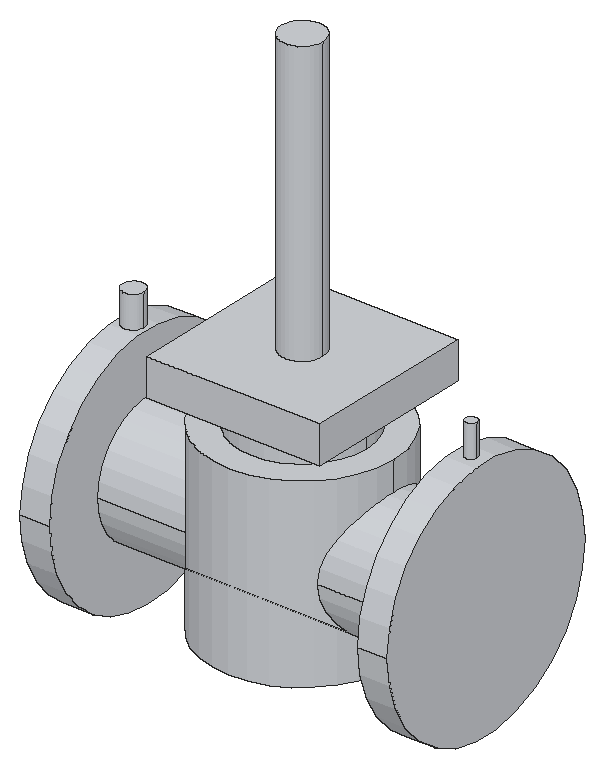
Revit family "OPTIMA_Compact_FLANGE_PN16_DN100-HF_RFA_2019", category Pipe Accessories, Revit 2019
Family settings
  Round Connector Dimension = Use Diameter
  Part Type = Valve - Breaks Into
  Work Plane-Based = No
  Always vertical = Yes
  Cut with Voids When Loaded = No
  Shared = No
Parameters (values of type "Optima Compact Flange PN16 DN100 HF")
  magiProductId = "Frese Optima Flange DN100 HF"
  magiProductFamilyId = "Frese Optima Flange *"
  magiPartTypeId = 304
  isMeasuringValve [instance] = no
  ang2D [instance] = 0.00°
  W2D = 50 mm
  VersionID = "2.0/2018.8.28.1/FRESE_OPTIMA_FLANGE_Q13_002"
  Use Minimum Symbol Size [instance] = yes
  URL = "www.hydronic.cz"
  Type Comments = "Přírubový; PN16; 0~120°C, s měřením"
  R4 = 61.25 mm
  R3 = 61.1 mm
  R1 = 87.5 mm
  QmdConnectorList = "301;D;302;D"
  Productdata [instance] = ""
  Manufacturer = "Hydronic Systems Prague s.r.o."
  MC Product Code = "53-1213 (DN100 HF; 40mm; pohon min 1000N; Qmin-dpmin 14800l/h-30.0kPa; Qmax-dpmin 90000l/h-75.0kPa; dpmax 800kPa)"
  MC Piping Given Pressure Drop [instance] = 0.0 Pa
  LF__ve = -LF  # -28 mm
  LF2 = 14 mm
  LF = 28 mm
  L4 = 164.5 mm
  L3 = 294 mm
  L2D_Min = 3048 mm
  L2D = 230 mm
  L2 = 175 mm
  H6 = 268.75 mm
  H4 = 35.25 mm
  H3 = 29.375 mm
  H2 = 88.125 mm
  H1 = 176.25 mm
  Description = "Tlakově nezávislý 2-cestný regulační vyvažovací ventil (PICV)"
  DF2 = 117.5 mm
  D = 100 mm
  CAT0 = yes
Types (14, lengths in mm): name | magiProductId | magiProductFamilyId | W2D | Type Comments | R4 | R3 | R1 | MC Product Code | LF__ve | LF2 | LF | L4 | L3 | L2D | L2 | H6 | H4 | H3 | H2 | H1 | DF2 | D
  Optima Compact Flange PN16 DN050 LF | "Frese Optima Flange DN050 LF" | "Frese Optima Flange *" | 50 | "Přírubový; PN16; 0~120°C, s měřením" | 40.3 | 42.9 | 57.5 | "53-1200 (DN50 LF; 20mm; pohon min 1000N; Qmin-dpmin 2500l/h-6.5kPa; Qmax-dpmin 15000l/h-20.0kPa; dpmax 800kPa)" | -18.4 | 9.2 | 18.4 | 108.1 | 193.2 | 230 | 115 | 157.3 | 24.8 | 20.6 | 61.9 | 123.8 | 82.5 | 50
  Optima Compact Flange PN16 DN050 HF | "Frese Optima Flange DN050 HF" | "Frese Optima Flange *" | 50 | "Přírubový; PN16; 0~120°C, s měřením" | 40.25 | 42.9 | 57.5 | "53-1210 (DN50 HF; 20mm; pohon min 1000N; Qmin-dpmin 3900l/h-19.0kPa; Qmax-dpmin 24000l/h-50.0kPa; dpmax 800kPa)" | -18.4 | 9.2 | 18.4 | 108.1 | 193.2 | 230 | 115 | 157.25 | 24.75 | 20.625 | 61.875 | 123.75 | 82.5 | 50
  Optima Compact Flange PN16 DN065 LF | "Frese Optima Flange DN065 LF" | "Frese Optima Flange *" | 50 | "Přírubový; PN16; 0~120°C, s měřením" | 50.75 | 48.1 | 72.5 | "53-1201 (DN65 LF; 20mm; pohon min 1000N; Qmin-dpmin 4400l/h-15.0kPa; Qmax-dpmin 25000l/h-25.0kPa; dpmax 800kPa)" | -23.2 | 11.6 | 23.2 | 136.3 | 243.6 | 230 | 145 | 171.25 | 27.75 | 23.125 | 69.375 | 138.75 | 92.5 | 65
  Optima Compact Flange PN16 DN065 HF | "Frese Optima Flange DN065 HF" | "Frese Optima Flange *" | 50 | "Přírubový; PN16; 0~120°C, s měřením" | 50.75 | 48.1 | 72.5 | "53-1211 (DN65 HF; 20mm; pohon min 1000N; Qmin-dpmin 6000l/h-30.0kPa; Qmax-dpmin 35000l/h-55.0kPa; dpmax 800kPa)" | -23.2 | 11.6 | 23.2 | 136.3 | 243.6 | 230 | 145 | 171.25 | 27.75 | 23.125 | 69.375 | 138.75 | 92.5 | 65
  Optima Compact Flange PN16 DN080 LF | "Frese Optima Flange DN080 LF" | "Frese Optima Flange *" | 50 | "Přírubový; PN16; 0~120°C, s měřením" | 54.25 | 52 | 77.5 | "53-1202 (DN80 LF; 20mm; pohon min 1000N; Qmin-dpmin 5300l/h-16.0kPa; Qmax-dpmin 34000l/h-25.0kPa; dpmax 800kPa)" | -24.8 | 12.4 | 24.8 | 145.7 | 260.4 | 230 | 155 | 183 | 30 | 25 | 75 | 150 | 100 | 80
  Optima Compact Flange PN16 DN080 HF | "Frese Optima Flange DN080 HF" | "Frese Optima Flange *" | 50 | "Přírubový; PN16; 0~120°C, s měřením" | 54.25 | 52 | 77.5 | "53-1212 (DN80 HF; 20mm; pohon min 1000N; Qmin-dpmin 7000l/h-23.0kPa; Qmax-dpmin 43000l/h-50.0kPa; dpmax 800kPa)" | -24.8 | 12.4 | 24.8 | 145.7 | 260.4 | 230 | 155 | 183 | 30 | 25 | 75 | 150 | 100 | 80
  Optima Compact Flange PN16 DN100 LF | "Frese Optima Flange DN100 LF" | "Frese Optima Flange *" | 50 | "Přírubový; PN16; 0~120°C, s měřením" | 61.25 | 61.1 | 87.5 | "53-1203 (DN100 LF; 40mm; pohon min 1000N; Qmin-dpmin 12100l/h-20.0kPa; Qmax-dpmin 68000l/h-35.0kPa; dpmax 800kPa)" | -28 | 14 | 28 | 164.5 | 294 | 230 | 175 | 268.75 | 35.25 | 29.375 | 88.125 | 176.25 | 117.5 | 100
  Optima Compact Flange PN16 DN100 HF | "Frese Optima Flange DN100 HF" | "Frese Optima Flange *" | 50 | "Přírubový; PN16; 0~120°C, s měřením" | 61.25 | 61.1 | 87.5 | "53-1213 (DN100 HF; 40mm; pohon min 1000N; Qmin-dpmin 14800l/h-30.0kPa; Qmax-dpmin 90000l/h-75.0kPa; dpmax 800kPa)" | -28 | 14 | 28 | 164.5 | 294 | 230 | 175 | 268.75 | 35.25 | 29.375 | 88.125 | 176.25 | 117.5 | 100
  Optima Compact Flange PN16 DN125 LF | "Frese Optima Flange DN125 LF" | "Frese Optima Flange *" | 50 | "Přírubový; PN16; 0~120°C, s měřením" | 70 | 70.2 | 100 | "53-1204 (DN125 LF; 40mm; pohon min 1000N; Qmin-dpmin 18500l/h-16.0kPa; Qmax-dpmin 110000l/h-35.0kPa; dpmax 800kPa)" | -32 | 16 | 32 | 188 | 336 | 230 | 200 | 275.5 | 40.5 | 33.75 | 101.25 | 202.5 | 135 | 125
  Optima Compact Flange PN16 DN125 HF | "Frese Optima Flange DN125 HF" | "Frese Optima Flange *" | 50 | "Přírubový; PN16; 0~120°C, s měřením" | 70 | 70.2 | 100 | "53-1214 (DN125 HF; 40mm; pohon min 1000N; Qmin-dpmin 23000l/h-27.0kPa; Qmax-dpmin 135000l/h-53.0kPa; dpmax 800kPa)" | -32 | 16 | 32 | 188 | 336 | 230 | 200 | 275.5 | 40.5 | 33.75 | 101.25 | 202.5 | 135 | 125
  Optima Compact Flange PN16 DN150 LF | "Frese Optima Flange DN150 LF" | "Frese Optima Flange *" | 50 | "Přírubový; PN16; 0~110°C, s měřením" | 84 | 74.1 | 120 | "53-1205 (DN150 LF; 43mm; pohon min 1500N; Qmin-dpmin 25600l/h-21.0kPa; Qmax-dpmin 148000l/h-35.0kPa; dpmax 800kPa)" | -38.4 | 19.2 | 38.4 | 225.6 | 403.2 | 230 | 240 | 279.25 | 42.75 | 35.625 | 106.875 | 213.75 | 142.5 | 150
  Optima Compact Flange PN16 DN150 HF | "Frese Optima Flange DN150 HF" | "Frese Optima Flange *" | 50 | "Přírubový; PN16; 0~110°C, s měřením" | 84 | 74.1 | 120 | "53-1215 (DN150 HF; 43mm; pohon min 1500N; Qmin-dpmin 32000l/h-33.0kPa; Qmax-dpmin 195000l/h-65.0kPa; dpmax 800kPa)" | -38.4 | 19.2 | 38.4 | 225.6 | 403.2 | 230 | 240 | 279.25 | 42.75 | 35.625 | 106.875 | 213.75 | 142.5 | 150
  Optima Compact Flange PN16 DN200 LF | "" | "" | 100 | "Přírubový; PN16; 0~110°C, s měřením" | 164.5 | 98.8 | 235 | "53-1206 (DN200 LF; 43mm; pohon min 1500N; Qmin-dpmin 95000l/h-11.0kPa; Qmax-dpmin 210000l/h-32.0kPa; dpmax 800kPa)" | -48 | 24 | 48 | 282 | 504 | 350 | 300 | 281 | 57 | 15 | 209 | 380 | 190 | 200
  Optima Compact Flange PN16 DN200 HF | "" | "" | 100 | "Přírubový; PN16; 0~110°C, s měřením" | 164.5 | 98.8 | 235 | "53-1216 (DN200 HF; 43mm; pohon min 1500N; Qmin-dpmin 130000l/h-31.0kPa; Qmax-dpmin 280000l/h-78.0kPa; dpmax 800kPa)" | -48 | 24 | 48 | 282 | 504 | 350 | 300 | 281 | 57 | 15 | 209 | 380 | 190 | 200
Reference planes
  plane 1 "Center (Front/Back)": y = 0
  plane 2 "XYPLANE": z = 0
  plane 3 "Center (Left/Right)": x = 0
  plane 4 "157": x = 161
  plane 5 "156": x = -161
  plane 6 "155": z = 117.5
  plane 7 "154": z = 152.75
  plane 8 "153": z = 117.5
  plane 9 "152": z = 88.125
  plane 10 "151": x = -147
  plane 11 "150": z = -88.125
  plane 12 "149": x = 0
  plane 13 "148": y = 0
  plane 14 "147": z = 0
  plane 15 "146": x = -175
  plane 16 "145": x = 175
Forms (mm)
  Extrusion 1, solid, visible <- "CAT0"
    sketch origin (-750, 0, 117.5) x (1, 0, 0) y (0, 1, 0)
      loop
        circle (911, 0) r 5.5
    from 0 to 30
  Extrusion 2, solid, visible <- "CAT0"
    sketch origin (-750, 0, 117.5) x (1, 0, 0) y (0, 1, 0)
      loop
        circle (589, 0) r 10.3
    from 0 to 30
  Extrusion 3, solid, visible <- "CAT0"
    sketch origin (-750, 0, 152.75) x (1, 0, 0) y (0, 1, 0)
      loop
        circle (750, 0) r 20
    from 0 to 268.75 <- "H6"
  Extrusion 4, solid, visible <- "CAT0"
    sketch origin (-750, 0, 117.5) x (1, 0, 0) y (0, 1, 0)
      loop
        line (832.25, 82.25) -> (667.75, 82.25) -> (667.75, -82.25) -> (832.25, -82.25) -> (832.25, 82.25)
    from 0 to 35.25 <- "H4"
  Extrusion 5, solid, visible <- "CAT0"
    sketch origin (-750, 0, 88.125) x (1, 0, 0) y (0, 1, 0)
      loop
        circle (750, 0) r 61.25
    from 0 to 29.375 <- "H3"
  Extrusion 6, solid, visible <- "CAT0"
    sketch origin (-147, -750, 0) x (0, 1, 0) y (0, 0, 1)
      loop
        circle (750, 0) r 61.1
    from 0 to 294 <- "L3"
  Extrusion 7, solid, visible <- "CAT0"
    sketch origin (-750, 0, -88.125) x (1, 0, 0) y (0, 1, 0)
      loop
        circle (750, 0) r 87.5
    from 0 to 176.25 <- "H1"
  Extrusion 8, solid, visible <- "CAT0"
    sketch origin (-175, -750, 0) x (0, 1, 0) y (0, 0, 1)
      loop
        circle (750, 0) r 117.5
    from 0 to 28 <- "LF"
  Extrusion 9, solid, visible <- "CAT0"
    sketch origin (175, -750, 0) x (0, 1, 0) y (0, 0, 1)
      loop
        circle (750, 0) r 117.5
    from 0 to -28 <- "LF__ve"
  Extrusion 10, solid, not visible
    sketch origin (-175, -750, 0) x (0, 1, 0) y (0, 0, 1)
      loop
        circle (750, 0) r 10
    from 0 to 10
  Extrusion 11, solid, not visible
    sketch origin (175, -750, 0) x (0, 1, 0) y (0, 0, 1)
      loop
        circle (750, 0) r 10
    from 0 to -10
Lines and regions (mm)
  reference lines, not visible
    curve 1: circle (2, 2, 0) r 1 normal (0, 0, 1)
  reference lines
    curve 2: circle (0, 0, 117.5) r 1 normal (0, 0, 1)
Dimensions and locks
  plane 1 "Center (Front/Back)" to curve 1 = 2 mm
  "LF2": plane 16 "145" to plane 4 "157"
  "LF2": plane 15 "146" to plane 5 "156"
  "DF2": plane 2 "XYPLANE" to plane 6 "155"
  "H4": plane 8 "153" to plane 7 "154"
  "H3": plane 9 "152" to plane 8 "153"
  "H1": plane 11 "150" to plane 9 "152"
  "LF": plane 15 "146" to plane 10 "151"
  "H2": plane 2 "XYPLANE" to plane 11 "150"
  locked: plane 3 "Center (Left/Right)" to plane 12 "149"
  locked: plane 1 "Center (Front/Back)" to plane 13 "148"
  locked: plane 2 "XYPLANE" to plane 14 "147"
  "L2": plane 3 "Center (Left/Right)" to plane 15 "146"
  "L2": plane 3 "Center (Left/Right)" to plane 16 "145"
  equal spacing: Extrusion 4 sketch curve, curve 2, Extrusion 4 sketch curve  (x2)
  "L4": Extrusion 4 sketch curve to Extrusion 4 sketch curve  (x2)
  Extrusion 4 sketch curve to Extrusion 4 sketch curve = 0 mm  (x8)
  "R4": radius of Extrusion 5 sketch curve
  "R3": radius of Extrusion 6 sketch curve
  "R1": radius of Extrusion 7 sketch curve
  "DF2": radius of Extrusion 8 sketch curve
  "DF2": radius of Extrusion 9 sketch curve
  aligned and locked: level to plane 2 "XYPLANE"
  aligned and locked: plane 4 "157" to Extrusion 1 sketch curve
  aligned and locked: plane 13 "148" to Extrusion 1 sketch curve
  aligned and locked: plane 5 "156" to Extrusion 2 sketch curve
  aligned and locked: plane 13 "148" to Extrusion 2 sketch curve
  aligned and locked: plane 12 "149" to Extrusion 3 sketch curve
  aligned and locked: plane 13 "148" to Extrusion 3 sketch curve
  aligned and locked: plane 12 "149" to curve 2
  aligned and locked: plane 13 "148" to curve 2
  aligned and locked: plane 12 "149" to Extrusion 5 sketch curve
  aligned and locked: plane 13 "148" to Extrusion 5 sketch curve
  aligned and locked: Extrusion 6 sketch curve to plane 13 "148"
  aligned and locked: plane 14 "147" to Extrusion 6 sketch curve
  aligned and locked: plane 12 "149" to Extrusion 7 sketch curve
  aligned and locked: plane 13 "148" to Extrusion 7 sketch curve
  aligned and locked: Extrusion 8 sketch curve to plane 13 "148"
  aligned and locked: plane 14 "147" to Extrusion 8 sketch curve
  aligned and locked: Extrusion 9 sketch curve to plane 13 "148"
  aligned and locked: plane 14 "147" to Extrusion 9 sketch curve
  aligned and locked: Extrusion 10 sketch curve to plane 13 "148"
  aligned and locked: plane 14 "147" to Extrusion 10 sketch curve
  aligned and locked: Extrusion 11 sketch curve to plane 13 "148"
  aligned and locked: plane 14 "147" to Extrusion 11 sketch curve
Automatic sketch dimensions
  Extrusion 1 sketch curve to plane 4 "157" = 5.5 mm
  plane 15 "146" to Extrusion 2 sketch curve = 3.7 mm
  Extrusion 3 sketch curve to plane 3 "Center (Left/Right)" = 20 mm
  plane 1 "Center (Front/Back)" to Extrusion 10 sketch curve = 10 mm
  plane 1 "Center (Front/Back)" to Extrusion 11 sketch curve = 10 mm
  plane 3 "Center (Left/Right)" to curve 1 = 2 mm
  plane 10 "151" to Extrusion 4 sketch curve = 64.75 mm
  plane 1 "Center (Front/Back)" to Extrusion 4 sketch curve = 82.25 mm
  radius of curve 2 = 1 mm
  radius of curve 1 = 1 mm
Connectors
  piping at (-175, 0, 0), diameter 100, driven by "D"
    settings: on Extrusion 10, index 1, connector inside diameter 609.6 mm, connector length 0 mm, flow factor 0, pipe flow 0.0 L/s, pressure drop 0.0 Pa, fitting loss kfactor 0, connector angle 0.00°, fixture units 0, engagement length 0 mm, angle of deflection 0.00°, flow configuration 0, flow direction 0, fitting loss method 0, system type 29, joint type 0, gender type 0, connector reference index 2, connector utility 0, adjustable connector no, is connector primary yes, connector description ""
  piping at (175, 0, 0), diameter 100, driven by "D"
    settings: on Extrusion 11, index 2, connector inside diameter 609.6 mm, connector length 0 mm, flow factor 0, pipe flow 0.0 L/s, pressure drop 0.0 Pa, fitting loss kfactor 0, connector angle 0.00°, fixture units 0, engagement length 0 mm, angle of deflection 0.00°, flow configuration 0, flow direction 0, fitting loss method 0, system type 29, joint type 0, gender type 0, connector reference index 1, connector utility 0, adjustable connector no, is connector primary no, connector description ""
